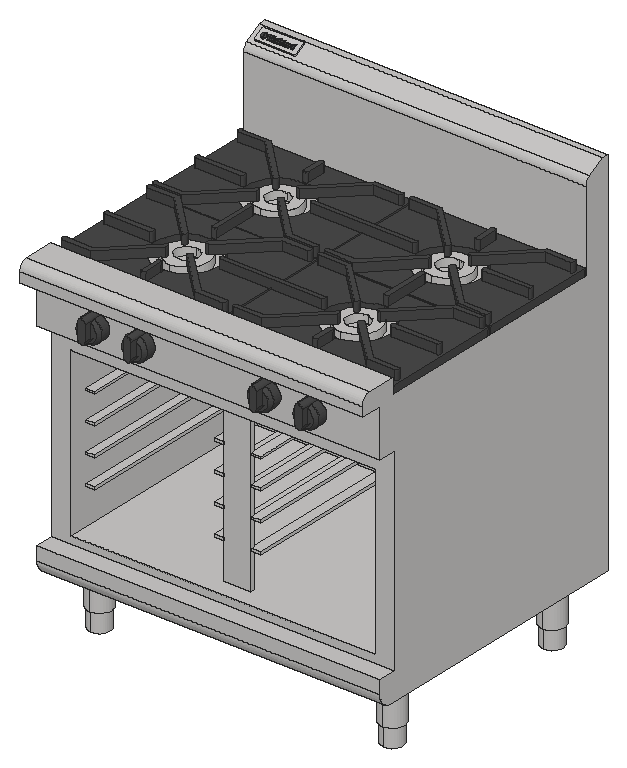
Revit family "QF_MOFFAT WALDORF_RN8900G-CB", category Specialty Equipment, Revit 2012
Parameters
  Weight in Pounds = 396.8316
  URL Cutsheet = "www.moffat.com"
  URL = "www.moffat.com"
  Type Mark [instance] = ""
  Status [instance] = ""
  Specification by User [instance] = ""
  Specification by Manufacturer = ""
  Show Logo [instance] = yes
  Show Casters [instance] = no
  Serial Number = ""
  Seismic Rating = ""
  SMACNA No = ""
  Revision Code [instance] = ""
  Omniclass Number and Title = ""
  NAFEM Spec ID Number = ""
  Model = "RN8900G-CB"
  Mechanical Remarks [instance] = ""
  Mechanical Connection Type [instance] = ""
  Masterspec = ""
  Manufacturer = "MOFFAT WALDORF"
  Legs [instance] = not(Show Casters)  # yes
  Item Number [instance] = ""
  Installed By [instance] = ""
  Identify Quantity as Lot [instance] = yes
  Gas Size = 3/4"
  Gas RI Height [instance] = 0.0 mm
  Gas KW [instance] = 31
  Gas Input [instance] = 106156.0 Btu/h
  Gas Connection Height = 0.0 mm
  Furnished By [instance] = ""
  Foodservice Equipment Identifier [instance] = yes
  Description = "COOK TOP GAS ON CABINET BASE"
  CSI MasterFormat = ""
  CSI Master Format = ""
  Base Height [instance] = 150.0 mm
Reference planes
  plane 1 "BACK": y = 0
  plane 2: z = 0
  plane 3 "LEFT": x = 0
  plane 4 "RIGHT": x = 900
  plane 5 "FRONT": y = -805
  plane 6 "TOP": z = 1130
  plane 7 "Center Y": x = 450
  plane 8 "Center X": y = -402.5
  plane 9 "Base Height": z = 150
  plane 10: z = 915
  plane 11: x = 65.8
Forms (mm)
  Extrusion 1, solid, material "QF_Finishes_Stainless Steel"
    sketch origin (0, 0, 0) x (0, 1, 0) y (0, 0, 1)
      loop
        line (-805, 891) -> (-805, 866) -> (-749, 866) -> (-749, 740) -> (-100, 740) -> (-100, 150) -> (0, 150) -> (0, 1130) -> (-16.5, 1130) -> (-58.709, 1105.631)
        arc (-58.709, 1105.631) -> (-66.975, 1097.365) -> (-70, 1086.074) r 22.582
        line (-70, 1086.074) -> (-70, 875) -> (-705, 875) -> (-705, 915) -> (-781, 915)
        arc (-781, 915) -> (-797.971, 907.971) -> (-805, 891) r 24
      loop
        line (-699, 222.5) -> (-749, 222.5) -> (-749, 188)
        arc (-749, 188) -> (-737.87, 161.13) -> (-711, 150) r 38
        line (-711, 150) -> (-699, 150) -> (-699, 222.5)
    from 0 to 900
  Revolve 2, solid, material "QF_Finishes_Black"
    sketch origin (285.001, 0, 600) x (0, -1, 0) y (0, 0, 1)
      loop
        line (782, 234.605) -> (759, 234.605) -> (759, 207.105) -> (749, 207.105) -> (749, 202.105) -> (793, 202.105) -> (793, 228.757) -> (782, 234.605)
      axis (793, 202.105) -> (749, 202.105)
    angle from 0 to 360
  Extrusion 3, solid, material "QF_Finishes_Black"
    sketch origin (-3.43, 0, 496.003) x (1, 0, 0) y (0, 0, 1)
      loop
        line (298.431, 294) -> (298.431, 332.997)
        arc (298.431, 332.997) -> (288.431, 342.997) -> (278.431, 332.997) r 10
        line (278.431, 332.997) -> (278.431, 294)
        arc (278.431, 294) -> (288.431, 284) -> (298.431, 294) r 10
    from 759 to 808
  Extrusion 4, solid, material "QF_Finishes_Stainless Steel"
    sketch origin (705, 3, 95) x (1, 0, 0) y (0, 1, 0)
      loop
        circle (65, -35) r 13.5
    from 560 to 630
  Revolve 5, solid, material "QF_Finishes_Black"
    sketch origin (165, 0, 599.873) x (0, 1, 0) y (0, 0, -1)
      loop
        line (-782, -234.5) -> (-759, -234.5) -> (-759, -207) -> (-749, -207) -> (-749, -202) -> (-793, -202) -> (-793, -228.651) -> (-782, -234.5)
      axis (-793, -202) -> (-749, -202)
    angle from 0 to 360
  Extrusion 6, solid, material "QF_Finishes_Black"
    sketch origin (303.27, 0, 600.031) x (-1, 0, 0) y (0, 0, -1)
      loop
        arc (148.269, -189.969) -> (138.269, -179.969) -> (128.269, -189.969) r 10
        line (128.269, -189.969) -> (128.269, -228.969)
        arc (128.269, -228.969) -> (138.269, -238.969) -> (148.269, -228.969) r 10
        line (148.269, -228.969) -> (148.269, -189.969)
    from 759 to 808
  Extrusion 7, solid, material "QF_Finishes_Black"
    sketch origin (0, -70, 875) x (0, -1, 0) y (1, 0, 0)
      loop
        arc (1, 4) -> (1.879, 1.879) -> (4, 1) r 3
        line (4, 1) -> (312.375, 1)
        arc (312.375, 1) -> (314.496, 1.879) -> (315.375, 4) r 3
        line (315.375, 4) -> (315.375, 445.187)
        arc (315.375, 445.187) -> (314.496, 447.309) -> (312.375, 448.187) r 3
        line (312.375, 448.187) -> (4, 448.187)
        arc (4, 448.187) -> (1.879, 447.309) -> (1, 445.187) r 3
        line (1, 445.187) -> (1, 4)
      loop
        line (631, 899) -> (321.375, 899)
        arc (321.375, 899) -> (319.254, 898.121) -> (318.375, 896) r 3
        line (318.375, 896) -> (318.375, 454.812)
        arc (318.375, 454.812) -> (319.254, 452.691) -> (321.375, 451.812) r 3
        line (321.375, 451.812) -> (631, 451.812)
        arc (631, 451.812) -> (633.121, 452.691) -> (634, 454.812) r 3
        line (634, 454.812) -> (634, 896)
        arc (634, 896) -> (633.121, 898.121) -> (631, 899) r 3
      loop
        arc (4, 899) -> (1.879, 898.121) -> (1, 896) r 3
        line (1, 896) -> (1, 454.812)
        arc (1, 454.812) -> (1.879, 452.691) -> (4, 451.812) r 3
        line (4, 451.812) -> (312.375, 451.812)
        arc (312.375, 451.812) -> (314.496, 452.691) -> (315.375, 454.812) r 3
        line (315.375, 454.812) -> (315.375, 896)
        arc (315.375, 896) -> (314.496, 898.121) -> (312.375, 899) r 3
        line (312.375, 899) -> (4, 899)
      loop
        line (634, 4) -> (634, 445.187)
        arc (634, 445.187) -> (633.121, 447.309) -> (631, 448.187) r 3
        line (631, 448.187) -> (321.375, 448.187)
        arc (321.375, 448.187) -> (319.254, 447.309) -> (318.375, 445.187) r 3
        line (318.375, 445.187) -> (318.375, 4)
        arc (318.375, 4) -> (319.254, 1.879) -> (321.375, 1) r 3
        line (321.375, 1) -> (631, 1)
        arc (631, 1) -> (633.121, 1.879) -> (634, 4) r 3
      loop
        circle (167.98, 675.95) r 84.082
      loop
        circle (467.98, 675.95) r 84.082
      loop
        circle (467.079, 224.937) r 84.082
      loop
        circle (167.079, 224.937) r 84.082
    from 0 to 19.5
  Extrusion 8, solid, material "QF_Finishes_Black"
    sketch origin (0, -70, 894.5) x (0, -1, 0) y (1, 0, 0)
      loop
        spline (259.398, 230.775) -> (258.104, 230.557) -> (256.898, 229.918) -> (255.862, 228.9) -> (255.068, 227.575) -> (254.568, 226.031) -> (254.398, 224.375) -> (254.568, 222.719) -> (255.068, 221.175) -> (255.862, 219.85) -> (256.898, 218.832) -> (258.104, 218.193) -> (259.398, 217.975)
        line (259.398, 217.975) -> (375.602, 217.975)
        spline (375.602, 217.975) -> (376.896, 218.193) -> (378.102, 218.832) -> (379.138, 219.85) -> (379.932, 221.175) -> (380.432, 222.719) -> (380.602, 224.375) -> (380.432, 226.031) -> (379.932, 227.575) -> (379.138, 228.9) -> (378.102, 229.918) -> (376.896, 230.557) -> (375.602, 230.775)
        line (375.602, 230.775) -> (259.398, 230.775)
      loop
        spline (608.602, 217.975) -> (609.896, 218.193) -> (611.102, 218.832) -> (612.138, 219.85) -> (612.932, 221.175) -> (613.432, 222.719) -> (613.602, 224.375) -> (613.432, 226.031) -> (612.932, 227.575) -> (612.138, 228.9) -> (611.102, 229.918) -> (609.896, 230.557) -> (608.602, 230.775)
        line (608.602, 230.775) -> (559.398, 230.775)
        spline (559.398, 230.775) -> (558.104, 230.557) -> (556.898, 229.918) -> (555.862, 228.9) -> (555.068, 227.575) -> (554.568, 226.031) -> (554.398, 224.375) -> (554.568, 222.719) -> (555.068, 221.175) -> (555.862, 219.85) -> (556.898, 218.832) -> (558.104, 218.193) -> (559.398, 217.975)
        line (559.398, 217.975) -> (608.602, 217.975)
      loop
        line (473.9, 13.273) -> (473.9, 132.477)
        spline (473.9, 132.477) -> (473.682, 133.771) -> (473.043, 134.977) -> (472.025, 136.013) -> (470.7, 136.807) -> (469.156, 137.307) -> (467.5, 137.477) -> (465.844, 137.307) -> (464.3, 136.807) -> (462.975, 136.013) -> (461.957, 134.977) -> (461.318, 133.771) -> (461.1, 132.477)
        line (461.1, 132.477) -> (461.1, 13.273)
        spline (461.1, 13.273) -> (461.318, 11.979) -> (461.957, 10.773) -> (462.975, 9.737) -> (464.3, 8.943) -> (465.844, 8.443) -> (467.5, 8.273) -> (469.156, 8.443) -> (470.7, 8.943) -> (472.025, 9.737) -> (473.043, 10.773) -> (473.682, 11.979) -> (473.9, 13.273)
      loop
        line (21.428, 87.354) -> (21.428, 13.21)
        spline (21.428, 13.21) -> (21.656, 11.916) -> (22.325, 10.71) -> (23.39, 9.675) -> (24.778, 8.88) -> (26.394, 8.381) -> (28.128, 8.21) -> (29.862, 8.381) -> (31.478, 8.88) -> (32.865, 9.675) -> (33.93, 10.71) -> (34.599, 11.916) -> (34.828, 13.21)
        line (34.828, 13.21) -> (34.828, 82.652) -> (140.576, 188.4)
        spline (140.576, 188.4) -> (141.337, 189.47) -> (141.738, 190.774) -> (141.751, 192.226) -> (141.375, 193.725) -> (140.637, 195.17) -> (139.586, 196.461) -> (138.295, 197.512) -> (136.85, 198.25) -> (135.351, 198.626) -> (133.899, 198.613) -> (132.595, 198.212) -> (131.525, 197.451)
        line (131.525, 197.451) -> (21.428, 87.354)
      loop
        spline (26.398, 230.775) -> (25.104, 230.557) -> (23.898, 229.918) -> (22.862, 228.9) -> (22.068, 227.575) -> (21.568, 226.031) -> (21.398, 224.375) -> (21.568, 222.719) -> (22.068, 221.175) -> (22.862, 219.85) -> (23.898, 218.832) -> (25.104, 218.193) -> (26.398, 217.975)
        line (26.398, 217.975) -> (75.602, 217.975)
        spline (75.602, 217.975) -> (76.896, 218.193) -> (78.102, 218.832) -> (79.138, 219.85) -> (79.932, 221.175) -> (80.432, 222.719) -> (80.602, 224.375) -> (80.432, 226.031) -> (79.932, 227.575) -> (79.138, 228.9) -> (78.102, 229.918) -> (76.896, 230.557) -> (75.602, 230.775)
        line (75.602, 230.775) -> (26.398, 230.775)
      loop
        line (313.572, 87.354) -> (203.475, 197.451)
        spline (203.475, 197.451) -> (202.405, 198.212) -> (201.101, 198.613) -> (199.649, 198.626) -> (198.15, 198.25) -> (196.705, 197.512) -> (195.414, 196.461) -> (194.363, 195.17) -> (193.625, 193.725) -> (193.249, 192.226) -> (193.262, 190.774) -> (193.663, 189.47) -> (194.424, 188.4)
        line (194.424, 188.4) -> (300.172, 82.652) -> (300.172, 13.21)
        spline (300.172, 13.21) -> (300.401, 11.916) -> (301.07, 10.71) -> (302.135, 9.675) -> (303.522, 8.88) -> (305.138, 8.381) -> (306.872, 8.21) -> (308.606, 8.381) -> (310.222, 8.88) -> (311.61, 9.675) -> (312.675, 10.71) -> (313.344, 11.916) -> (313.572, 13.21)
        line (313.572, 13.21) -> (313.572, 87.354)
      loop
        line (173.9, 13.273) -> (173.9, 132.477)
        spline (173.9, 132.477) -> (173.682, 133.771) -> (173.043, 134.977) -> (172.025, 136.013) -> (170.7, 136.807) -> (169.156, 137.307) -> (167.5, 137.477) -> (165.844, 137.307) -> (164.3, 136.807) -> (162.975, 136.013) -> (161.957, 134.977) -> (161.318, 133.771) -> (161.1, 132.477)
        line (161.1, 132.477) -> (161.1, 13.273)
        spline (161.1, 13.273) -> (161.318, 11.979) -> (161.957, 10.773) -> (162.975, 9.737) -> (164.3, 8.943) -> (165.844, 8.443) -> (167.5, 8.273) -> (169.156, 8.443) -> (170.7, 8.943) -> (172.025, 9.737) -> (173.043, 10.773) -> (173.682, 11.979) -> (173.9, 13.273)
      loop
        line (21.428, 361.396) -> (131.525, 251.299)
        spline (131.525, 251.299) -> (132.595, 250.538) -> (133.899, 250.137) -> (135.351, 250.124) -> (136.85, 250.5) -> (138.295, 251.238) -> (139.586, 252.289) -> (140.637, 253.58) -> (141.375, 255.025) -> (141.751, 256.524) -> (141.738, 257.976) -> (141.337, 259.28) -> (140.576, 260.35)
        line (140.576, 260.35) -> (34.828, 366.098) -> (34.828, 435.54)
        spline (34.828, 435.54) -> (34.599, 436.834) -> (33.93, 438.04) -> (32.865, 439.075) -> (31.478, 439.87) -> (29.862, 440.369) -> (28.128, 440.54) -> (26.394, 440.369) -> (24.778, 439.87) -> (23.39, 439.075) -> (22.325, 438.04) -> (21.656, 436.834) -> (21.428, 435.54)
        line (21.428, 435.54) -> (21.428, 361.396)
      loop
        line (313.572, 361.396) -> (313.572, 435.54)
        spline (313.572, 435.54) -> (313.344, 436.834) -> (312.675, 438.04) -> (311.61, 439.075) -> (310.222, 439.87) -> (308.606, 440.369) -> (306.872, 440.54) -> (305.138, 440.369) -> (303.522, 439.87) -> (302.135, 439.075) -> (301.07, 438.04) -> (300.401, 436.834) -> (300.172, 435.54)
        line (300.172, 435.54) -> (300.172, 366.098) -> (194.424, 260.35)
        spline (194.424, 260.35) -> (193.663, 259.28) -> (193.262, 257.976) -> (193.249, 256.524) -> (193.625, 255.025) -> (194.363, 253.58) -> (195.414, 252.289) -> (196.705, 251.238) -> (198.15, 250.5) -> (199.649, 250.124) -> (201.101, 250.137) -> (202.405, 250.538) -> (203.475, 251.299)
        line (203.475, 251.299) -> (313.572, 361.396)
      loop
        spline (173.9, 583.727) -> (173.682, 585.021) -> (173.043, 586.227) -> (172.025, 587.263) -> (170.7, 588.057) -> (169.156, 588.557) -> (167.5, 588.727) -> (165.844, 588.557) -> (164.3, 588.057) -> (162.975, 587.263) -> (161.957, 586.227) -> (161.318, 585.021) -> (161.1, 583.727)
        line (161.1, 583.727) -> (161.1, 316.273)
        spline (161.1, 316.273) -> (161.318, 314.979) -> (161.957, 313.773) -> (162.975, 312.737) -> (164.3, 311.943) -> (165.844, 311.443) -> (167.5, 311.273) -> (169.156, 311.443) -> (170.7, 311.943) -> (172.025, 312.737) -> (173.043, 313.773) -> (173.682, 314.979) -> (173.9, 316.273)
        line (173.9, 316.273) -> (173.9, 583.727)
      loop
        line (320.428, 87.354) -> (320.428, 13.21)
        spline (320.428, 13.21) -> (320.656, 11.916) -> (321.325, 10.71) -> (322.39, 9.675) -> (323.778, 8.88) -> (325.394, 8.381) -> (327.128, 8.21) -> (328.862, 8.381) -> (330.478, 8.88) -> (331.865, 9.675) -> (332.93, 10.71) -> (333.599, 11.916) -> (333.828, 13.21)
        line (333.828, 13.21) -> (333.828, 82.652) -> (439.576, 188.4)
        spline (439.576, 188.4) -> (440.337, 189.47) -> (440.738, 190.774) -> (440.751, 192.226) -> (440.375, 193.725) -> (439.637, 195.17) -> (438.586, 196.461) -> (437.295, 197.512) -> (435.85, 198.25) -> (434.351, 198.626) -> (432.899, 198.613) -> (431.595, 198.212) -> (430.525, 197.451)
        line (430.525, 197.451) -> (320.428, 87.354)
      loop
        line (612.572, 87.354) -> (502.475, 197.451)
        spline (502.475, 197.451) -> (501.405, 198.212) -> (500.101, 198.613) -> (498.649, 198.626) -> (497.15, 198.25) -> (495.705, 197.512) -> (494.414, 196.461) -> (493.363, 195.17) -> (492.625, 193.725) -> (492.249, 192.226) -> (492.262, 190.774) -> (492.663, 189.47) -> (493.424, 188.4)
        line (493.424, 188.4) -> (599.172, 82.652) -> (599.172, 13.21)
        spline (599.172, 13.21) -> (599.401, 11.916) -> (600.07, 10.71) -> (601.135, 9.675) -> (602.522, 8.88) -> (604.138, 8.381) -> (605.872, 8.21) -> (607.606, 8.381) -> (609.222, 8.88) -> (610.61, 9.675) -> (611.675, 10.71) -> (612.344, 11.916) -> (612.572, 13.21)
        line (612.572, 13.21) -> (612.572, 87.354)
      loop
        line (320.428, 361.396) -> (430.525, 251.299)
        spline (430.525, 251.299) -> (431.595, 250.538) -> (432.899, 250.137) -> (434.351, 250.124) -> (435.85, 250.5) -> (437.295, 251.238) -> (438.586, 252.289) -> (439.637, 253.58) -> (440.375, 255.025) -> (440.751, 256.524) -> (440.738, 257.976) -> (440.337, 259.28) -> (439.576, 260.35)
        line (439.576, 260.35) -> (333.828, 366.098) -> (333.828, 435.54)
        spline (333.828, 435.54) -> (333.599, 436.834) -> (332.93, 438.04) -> (331.865, 439.075) -> (330.478, 439.87) -> (328.862, 440.369) -> (327.128, 440.54) -> (325.394, 440.369) -> (323.778, 439.87) -> (322.39, 439.075) -> (321.325, 438.04) -> (320.656, 436.834) -> (320.428, 435.54)
        line (320.428, 435.54) -> (320.428, 361.396)
      loop
        line (612.572, 361.396) -> (612.572, 435.54)
        spline (612.572, 435.54) -> (612.344, 436.834) -> (611.675, 438.04) -> (610.61, 439.075) -> (609.222, 439.87) -> (607.606, 440.369) -> (605.872, 440.54) -> (604.138, 440.369) -> (602.522, 439.87) -> (601.135, 439.075) -> (600.07, 438.04) -> (599.401, 436.834) -> (599.172, 435.54)
        line (599.172, 435.54) -> (599.172, 366.098) -> (493.424, 260.35)
        spline (493.424, 260.35) -> (492.663, 259.28) -> (492.262, 257.976) -> (492.249, 256.524) -> (492.625, 255.025) -> (493.363, 253.58) -> (494.414, 252.289) -> (495.705, 251.238) -> (497.15, 250.5) -> (498.649, 250.124) -> (500.101, 250.137) -> (501.405, 250.538) -> (502.475, 251.299)
        line (502.475, 251.299) -> (612.572, 361.396)
      loop
        spline (472.9, 583.727) -> (472.682, 585.021) -> (472.043, 586.227) -> (471.025, 587.263) -> (469.7, 588.057) -> (468.156, 588.557) -> (466.5, 588.727) -> (464.844, 588.557) -> (463.3, 588.057) -> (461.975, 587.263) -> (460.957, 586.227) -> (460.318, 585.021) -> (460.1, 583.727)
        line (460.1, 583.727) -> (460.1, 316.273)
        spline (460.1, 316.273) -> (460.318, 314.979) -> (460.957, 313.773) -> (461.975, 312.737) -> (463.3, 311.943) -> (464.844, 311.443) -> (466.5, 311.273) -> (468.156, 311.443) -> (469.7, 311.943) -> (471.025, 312.737) -> (472.043, 313.773) -> (472.682, 314.979) -> (472.9, 316.273)
        line (472.9, 316.273) -> (472.9, 583.727)
      loop
        line (259.398, 669.225) -> (375.602, 669.225)
        spline (375.602, 669.225) -> (376.896, 669.443) -> (378.102, 670.082) -> (379.138, 671.1) -> (379.932, 672.425) -> (380.432, 673.969) -> (380.602, 675.625) -> (380.432, 677.281) -> (379.932, 678.825) -> (379.138, 680.15) -> (378.102, 681.168) -> (376.896, 681.807) -> (375.602, 682.025)
        line (375.602, 682.025) -> (259.398, 682.025)
        spline (259.398, 682.025) -> (258.104, 681.807) -> (256.898, 681.168) -> (255.862, 680.15) -> (255.068, 678.825) -> (254.568, 677.281) -> (254.398, 675.625) -> (254.568, 673.969) -> (255.068, 672.425) -> (255.862, 671.1) -> (256.898, 670.082) -> (258.104, 669.443) -> (259.398, 669.225)
      loop
        line (608.602, 682.025) -> (559.398, 682.025)
        spline (559.398, 682.025) -> (558.104, 681.807) -> (556.898, 681.168) -> (555.862, 680.15) -> (555.068, 678.825) -> (554.568, 677.281) -> (554.398, 675.625) -> (554.568, 673.969) -> (555.068, 672.425) -> (555.862, 671.1) -> (556.898, 670.082) -> (558.104, 669.443) -> (559.398, 669.225)
        line (559.398, 669.225) -> (608.602, 669.225)
        spline (608.602, 669.225) -> (609.896, 669.443) -> (611.102, 670.082) -> (612.138, 671.1) -> (612.932, 672.425) -> (613.432, 673.969) -> (613.602, 675.625) -> (613.432, 677.281) -> (612.932, 678.825) -> (612.138, 680.15) -> (611.102, 681.168) -> (609.896, 681.807) -> (608.602, 682.025)
      loop
        spline (473.9, 886.727) -> (473.682, 888.021) -> (473.043, 889.227) -> (472.025, 890.263) -> (470.7, 891.057) -> (469.156, 891.557) -> (467.5, 891.727) -> (465.844, 891.557) -> (464.3, 891.057) -> (462.975, 890.263) -> (461.957, 889.227) -> (461.318, 888.021) -> (461.1, 886.727)
        line (461.1, 886.727) -> (461.1, 767.523)
        spline (461.1, 767.523) -> (461.318, 766.229) -> (461.957, 765.023) -> (462.975, 763.987) -> (464.3, 763.193) -> (465.844, 762.693) -> (467.5, 762.523) -> (469.156, 762.693) -> (470.7, 763.193) -> (472.025, 763.987) -> (473.043, 765.023) -> (473.682, 766.229) -> (473.9, 767.523)
        line (473.9, 767.523) -> (473.9, 886.727)
      loop
        line (21.428, 812.646) -> (131.525, 702.549)
        spline (131.525, 702.549) -> (132.595, 701.788) -> (133.899, 701.387) -> (135.351, 701.374) -> (136.85, 701.75) -> (138.295, 702.488) -> (139.586, 703.539) -> (140.637, 704.83) -> (141.375, 706.275) -> (141.751, 707.774) -> (141.738, 709.226) -> (141.337, 710.53) -> (140.576, 711.6)
        line (140.576, 711.6) -> (34.828, 817.348) -> (34.828, 886.79)
        spline (34.828, 886.79) -> (34.599, 888.084) -> (33.93, 889.29) -> (32.865, 890.325) -> (31.478, 891.12) -> (29.862, 891.619) -> (28.128, 891.79) -> (26.394, 891.619) -> (24.778, 891.12) -> (23.39, 890.325) -> (22.325, 889.29) -> (21.656, 888.084) -> (21.428, 886.79)
        line (21.428, 886.79) -> (21.428, 812.646)
      loop
        line (26.398, 669.225) -> (75.602, 669.225)
        spline (75.602, 669.225) -> (76.896, 669.443) -> (78.102, 670.082) -> (79.138, 671.1) -> (79.932, 672.425) -> (80.432, 673.969) -> (80.602, 675.625) -> (80.432, 677.281) -> (79.932, 678.825) -> (79.138, 680.15) -> (78.102, 681.168) -> (76.896, 681.807) -> (75.602, 682.025)
        line (75.602, 682.025) -> (26.398, 682.025)
        spline (26.398, 682.025) -> (25.104, 681.807) -> (23.898, 681.168) -> (22.862, 680.15) -> (22.068, 678.825) -> (21.568, 677.281) -> (21.398, 675.625) -> (21.568, 673.969) -> (22.068, 672.425) -> (22.862, 671.1) -> (23.898, 670.082) -> (25.104, 669.443) -> (26.398, 669.225)
      loop
        line (313.572, 812.646) -> (313.572, 886.79)
        spline (313.572, 886.79) -> (313.344, 888.084) -> (312.675, 889.29) -> (311.61, 890.325) -> (310.222, 891.12) -> (308.606, 891.619) -> (306.872, 891.79) -> (305.138, 891.619) -> (303.522, 891.12) -> (302.135, 890.325) -> (301.07, 889.29) -> (300.401, 888.084) -> (300.172, 886.79)
        line (300.172, 886.79) -> (300.172, 817.348) -> (194.424, 711.6)
        spline (194.424, 711.6) -> (193.663, 710.53) -> (193.262, 709.226) -> (193.249, 707.774) -> (193.625, 706.275) -> (194.363, 704.83) -> (195.414, 703.539) -> (196.705, 702.488) -> (198.15, 701.75) -> (199.649, 701.374) -> (201.101, 701.387) -> (202.405, 701.788) -> (203.475, 702.549)
        line (203.475, 702.549) -> (313.572, 812.646)
      loop
        spline (173.9, 886.727) -> (173.682, 888.021) -> (173.043, 889.227) -> (172.025, 890.263) -> (170.7, 891.057) -> (169.156, 891.557) -> (167.5, 891.727) -> (165.844, 891.557) -> (164.3, 891.057) -> (162.975, 890.263) -> (161.957, 889.227) -> (161.318, 888.021) -> (161.1, 886.727)
        line (161.1, 886.727) -> (161.1, 767.523)
        spline (161.1, 767.523) -> (161.318, 766.229) -> (161.957, 765.023) -> (162.975, 763.987) -> (164.3, 763.193) -> (165.844, 762.693) -> (167.5, 762.523) -> (169.156, 762.693) -> (170.7, 763.193) -> (172.025, 763.987) -> (173.043, 765.023) -> (173.682, 766.229) -> (173.9, 767.523)
        line (173.9, 767.523) -> (173.9, 886.727)
      loop
        line (21.428, 538.604) -> (21.428, 464.46)
        spline (21.428, 464.46) -> (21.656, 463.166) -> (22.325, 461.96) -> (23.39, 460.925) -> (24.778, 460.13) -> (26.394, 459.631) -> (28.128, 459.46) -> (29.862, 459.631) -> (31.478, 460.13) -> (32.865, 460.925) -> (33.93, 461.96) -> (34.599, 463.166) -> (34.828, 464.46)
        line (34.828, 464.46) -> (34.828, 533.902) -> (140.576, 639.65)
        spline (140.576, 639.65) -> (141.337, 640.72) -> (141.738, 642.024) -> (141.751, 643.476) -> (141.375, 644.975) -> (140.637, 646.42) -> (139.586, 647.711) -> (138.295, 648.762) -> (136.85, 649.5) -> (135.351, 649.876) -> (133.899, 649.863) -> (132.595, 649.462) -> (131.525, 648.701)
        line (131.525, 648.701) -> (21.428, 538.604)
      loop
        line (313.572, 538.604) -> (203.475, 648.701)
        spline (203.475, 648.701) -> (202.405, 649.462) -> (201.101, 649.863) -> (199.649, 649.876) -> (198.15, 649.5) -> (196.705, 648.762) -> (195.414, 647.711) -> (194.363, 646.42) -> (193.625, 644.975) -> (193.249, 643.476) -> (193.262, 642.024) -> (193.663, 640.72) -> (194.424, 639.65)
        line (194.424, 639.65) -> (300.172, 533.902) -> (300.172, 464.46)
        spline (300.172, 464.46) -> (300.401, 463.166) -> (301.07, 461.96) -> (302.135, 460.925) -> (303.522, 460.13) -> (305.138, 459.631) -> (306.872, 459.46) -> (308.606, 459.631) -> (310.222, 460.13) -> (311.61, 460.925) -> (312.675, 461.96) -> (313.344, 463.166) -> (313.572, 464.46)
        line (313.572, 464.46) -> (313.572, 538.604)
      loop
        line (320.428, 812.646) -> (430.525, 702.549)
        spline (430.525, 702.549) -> (431.595, 701.788) -> (432.899, 701.387) -> (434.351, 701.374) -> (435.85, 701.75) -> (437.295, 702.488) -> (438.586, 703.539) -> (439.637, 704.83) -> (440.375, 706.275) -> (440.751, 707.774) -> (440.738, 709.226) -> (440.337, 710.53) -> (439.576, 711.6)
        line (439.576, 711.6) -> (333.828, 817.348) -> (333.828, 886.79)
        spline (333.828, 886.79) -> (333.599, 888.084) -> (332.93, 889.29) -> (331.865, 890.325) -> (330.478, 891.12) -> (328.862, 891.619) -> (327.128, 891.79) -> (325.394, 891.619) -> (323.778, 891.12) -> (322.39, 890.325) -> (321.325, 889.29) -> (320.656, 888.084) -> (320.428, 886.79)
        line (320.428, 886.79) -> (320.428, 812.646)
      loop
        line (612.572, 812.646) -> (612.572, 886.79)
        spline (612.572, 886.79) -> (612.344, 888.084) -> (611.675, 889.29) -> (610.61, 890.325) -> (609.222, 891.12) -> (607.606, 891.619) -> (605.872, 891.79) -> (604.138, 891.619) -> (602.522, 891.12) -> (601.135, 890.325) -> (600.07, 889.29) -> (599.401, 888.084) -> (599.172, 886.79)
        line (599.172, 886.79) -> (599.172, 817.348) -> (493.424, 711.6)
        spline (493.424, 711.6) -> (492.663, 710.53) -> (492.262, 709.226) -> (492.249, 707.774) -> (492.625, 706.275) -> (493.363, 704.83) -> (494.414, 703.539) -> (495.705, 702.488) -> (497.15, 701.75) -> (498.649, 701.374) -> (500.101, 701.387) -> (501.405, 701.788) -> (502.475, 702.549)
        line (502.475, 702.549) -> (612.572, 812.646)
      loop
        line (320.428, 538.604) -> (320.428, 464.46)
        spline (320.428, 464.46) -> (320.656, 463.166) -> (321.325, 461.96) -> (322.39, 460.925) -> (323.778, 460.13) -> (325.394, 459.631) -> (327.128, 459.46) -> (328.862, 459.631) -> (330.478, 460.13) -> (331.865, 460.925) -> (332.93, 461.96) -> (333.599, 463.166) -> (333.828, 464.46)
        line (333.828, 464.46) -> (333.828, 533.902) -> (439.576, 639.65)
        spline (439.576, 639.65) -> (440.337, 640.72) -> (440.738, 642.024) -> (440.751, 643.476) -> (440.375, 644.975) -> (439.637, 646.42) -> (438.586, 647.711) -> (437.295, 648.762) -> (435.85, 649.5) -> (434.351, 649.876) -> (432.899, 649.863) -> (431.595, 649.462) -> (430.525, 648.701)
        line (430.525, 648.701) -> (320.428, 538.604)
      loop
        line (612.572, 538.604) -> (502.475, 648.701)
        spline (502.475, 648.701) -> (501.405, 649.462) -> (500.101, 649.863) -> (498.649, 649.876) -> (497.15, 649.5) -> (495.705, 648.762) -> (494.414, 647.711) -> (493.363, 646.42) -> (492.625, 644.975) -> (492.249, 643.476) -> (492.262, 642.024) -> (492.663, 640.72) -> (493.424, 639.65)
        line (493.424, 639.65) -> (599.172, 533.902) -> (599.172, 464.46)
        spline (599.172, 464.46) -> (599.401, 463.166) -> (600.07, 461.96) -> (601.135, 460.925) -> (602.522, 460.13) -> (604.138, 459.631) -> (605.872, 459.46) -> (607.606, 459.631) -> (609.222, 460.13) -> (610.61, 460.925) -> (611.675, 461.96) -> (612.344, 463.166) -> (612.572, 464.46)
        line (612.572, 464.46) -> (612.572, 538.604)
    from 0 to 23.5
  Revolve 9, solid, material "QF_Finishes_Black"
    sketch origin (735, 0, 600) x (0, -1, 0) y (0, 0, 1)
      loop
        line (782, 234.605) -> (759, 234.605) -> (759, 207.105) -> (749, 207.105) -> (749, 202.105) -> (793, 202.105) -> (793, 228.757) -> (782, 234.605)
      axis (793, 202.105) -> (749, 202.105)
    angle from 0 to 360
  Extrusion 10, solid, material "QF_Finishes_Black"
    sketch origin (596.569, 0, 496.003) x (1, 0, 0) y (0, 0, 1)
      loop
        line (148.431, 294) -> (148.431, 332.997)
        arc (148.431, 332.997) -> (138.431, 342.997) -> (128.431, 332.997) r 10
        line (128.431, 332.997) -> (128.431, 294)
        arc (128.431, 294) -> (138.431, 284) -> (148.431, 294) r 10
    from 759 to 808
  Revolve 11, solid, material "QF_Finishes_Black"
    sketch origin (615, 0, 599.907) x (0, 1, 0) y (0, 0, -1)
      loop
        line (-782, -234.5) -> (-759, -234.5) -> (-759, -207) -> (-749, -207) -> (-749, -202) -> (-793, -202) -> (-793, -228.651) -> (-782, -234.5)
      axis (-793, -202) -> (-749, -202)
    angle from 0 to 360
  Extrusion 12, solid, material "QF_Finishes_Black"
    sketch origin (603.269, 0, 600.031) x (-1, 0, 0) y (0, 0, -1)
      loop
        arc (-1.731, -189.969) -> (-11.731, -179.969) -> (-21.731, -189.969) r 10
        line (-21.731, -189.969) -> (-21.731, -228.969)
        arc (-21.731, -228.969) -> (-11.731, -238.969) -> (-1.731, -228.969) r 10
        line (-1.731, -228.969) -> (-1.731, -189.969)
    from 759 to 808
  Revolve 13, solid, material "QF_Finishes_Stainless Steel", visible <- "Legs"
    sketch origin (65, -165, 0) x (0, 1, 0) y (0, 0, 1)
      loop
        line (33.25, 150) -> (33.25, 50) -> (37.5, 50) -> (37.5, 0) -> (65, 0) -> (65, 150) -> (33.25, 150)
      axis (65, 150) -> (65, 0)
    angle from 0 to 360
  Revolve 14, solid, material "QF_Finishes_Stainless Steel"
    sketch origin (65, -735, 0) x (0, 1, 0) y (0, 0, 1)
      loop
        line (78.25, 150) -> (78.25, 50) -> (82.5, 50) -> (82.5, 0) -> (110, 0) -> (110, 150) -> (78.25, 150)
      axis (110, 150) -> (110, 0)
    angle from 0 to 360
  Revolve 15, solid, material "QF_Finishes_Stainless Steel", visible <- "Legs"
    sketch origin (835, -165, 0) x (0, 1, 0) y (0, 0, -1)
      loop
        line (33.25, -150) -> (65, -150) -> (65, 0) -> (37.5, 0) -> (37.5, -50) -> (33.25, -50) -> (33.25, -150)
      axis (65, -150) -> (65, 0)
    angle from 0 to 360
  Revolve 16, solid, material "QF_Finishes_Stainless Steel"
    sketch origin (835, -735, 0) x (0, 1, 0) y (0, 0, -1)
      loop
        line (78.25, -150) -> (110, -150) -> (110, 0) -> (82.5, 0) -> (82.5, -50) -> (78.25, -50) -> (78.25, -150)
      axis (110, -150) -> (110, 0)
    angle from 0 to 360
  Extrusion 17, solid, material "QF_Finishes_Stainless Steel"
    sketch origin (0, -100, 740) x (0, 0, 1) y (-1, 0, 0)
      loop
        line (0, 0) -> (-590, 0) -> (-590, -900) -> (0, -900) -> (0, 0)
      loop
        line (-60, -50) -> (-497.5, -50) -> (-497.5, -850) -> (-60, -850) -> (-60, -50)
    from 0 to 599
  Extrusion 18, void
    sketch origin (0, 0, 150) x (-1, 0, 0) y (0, -1, 0)
      loop
        line (-832.738, 87.26) -> (-832.738, -30.24) -> (-703.238, -30.24) -> (-703.238, 38.76) -> (-751.738, 87.26) -> (-832.738, 87.26)
    from 72.5 to 575
  Extrusion 19, solid, material "QF_Finishes_Stainless Steel"
    sketch origin (0, -100, 740) x (0, 0, 1) y (-1, 0, 0)
      loop
        line (-60, -485.5) -> (-60, -414.5) -> (-497.5, -414.5) -> (-497.5, -485.5) -> (-60, -485.5)
    from 543.302 to 553.302
  Extrusion 20, solid, material "QF_Finishes_Stainless Steel"
    sketch origin (0, -100, 740) x (0, 0, 1) y (-1, 0, 0)
      loop
        line (-251.25, -414.5) -> (-244.9, -414.5) -> (-244.9, -389.5) -> (-251.25, -389.5) -> (-251.25, -414.5)
      loop
        line (-326.25, -414.5) -> (-319.9, -414.5) -> (-319.9, -389.5) -> (-326.25, -389.5) -> (-326.25, -414.5)
      loop
        line (-326.25, -50) -> (-326.25, -75) -> (-319.9, -75) -> (-319.9, -50) -> (-326.25, -50)
      loop
        line (-244.9, -75) -> (-244.9, -50) -> (-251.25, -50) -> (-251.25, -75) -> (-244.9, -75)
      loop
        line (-401.25, -414.5) -> (-394.9, -414.5) -> (-394.9, -389.5) -> (-401.25, -389.5) -> (-401.25, -414.5)
      loop
        line (-401.25, -50) -> (-401.25, -75) -> (-394.9, -75) -> (-394.9, -50) -> (-401.25, -50)
      loop
        line (-176.25, -414.5) -> (-169.9, -414.5) -> (-169.9, -389.5) -> (-176.25, -389.5) -> (-176.25, -414.5)
      loop
        line (-169.9, -75) -> (-169.9, -50) -> (-176.25, -50) -> (-176.25, -75) -> (-169.9, -75)
      loop
        line (-251.25, -485.5) -> (-251.25, -510.5) -> (-244.9, -510.5) -> (-244.9, -485.5) -> (-251.25, -485.5)
      loop
        line (-326.25, -485.5) -> (-326.25, -510.5) -> (-319.9, -510.5) -> (-319.9, -485.5) -> (-326.25, -485.5)
      loop
        line (-326.25, -850) -> (-319.9, -850) -> (-319.9, -825) -> (-326.25, -825) -> (-326.25, -850)
      loop
        line (-244.9, -825) -> (-251.25, -825) -> (-251.25, -850) -> (-244.9, -850) -> (-244.9, -825)
      loop
        line (-401.25, -485.5) -> (-401.25, -510.5) -> (-394.9, -510.5) -> (-394.9, -485.5) -> (-401.25, -485.5)
      loop
        line (-401.25, -850) -> (-394.9, -850) -> (-394.9, -825) -> (-401.25, -825) -> (-401.25, -850)
      loop
        line (-176.25, -485.5) -> (-176.25, -510.5) -> (-169.9, -510.5) -> (-169.9, -485.5) -> (-176.25, -485.5)
      loop
        line (-169.9, -825) -> (-176.25, -825) -> (-176.25, -850) -> (-169.9, -850) -> (-169.9, -825)
    from 0 to 553.302
  Extrusion 21, solid, material "QF_Finishes_Stainless Steel"
    sketch origin (0, -70, 875) x (0, -1, 0) y (1, 0, 0)
      loop
        circle (167.5, 224) r 57
      loop
        circle (167.5, 674) r 57
      loop
        circle (466.5, 674) r 57
      loop
        circle (466.5, 224) r 57
      loop
        circle (167.5, 224) r 30
      loop
        circle (167.5, 674) r 30
      loop
        circle (466.5, 674) r 30
      loop
        circle (466.5, 224) r 30
    from 0 to 20
Cuts and joins
  Extrusion 18 cuts Extrusion 1
  joined: Extrusion 1, Extrusion 17
Lines and regions (mm)
  Split face 1
    outline origin (49.063, -19.748, 1128.125) x (0, -0.866025, -0.5) y (1, 0, 0)
      loop
        line (1.427, 105.5) -> (35.836, 105.5) -> (35.836, 125.5) -> (1.427, 125.5) -> (1.427, 105.5)
  Split face 2
    outline origin (99.063, -19.748, 1128.125) x (0, -0.866025, -0.5) y (1, 0, 0)
      loop
        line (1.427, 105.5) -> (35.836, 105.5) -> (35.836, 125.5) -> (1.427, 125.5) -> (1.427, 105.5)
  Split face 3
    outline origin (149.063, -19.748, 1128.125) x (0, -0.866025, -0.5) y (1, 0, 0)
      loop
        line (1.427, 105.5) -> (35.836, 105.5) -> (35.836, 125.5) -> (1.427, 125.5) -> (1.427, 105.5)
  Split face 4
    outline origin (199.063, -19.748, 1128.125) x (0, -0.866025, -0.5) y (1, 0, 0)
      loop
        line (1.427, 105.5) -> (35.836, 105.5) -> (35.836, 125.5) -> (1.427, 125.5) -> (1.427, 105.5)
  Split face 5
    outline origin (249.063, -19.748, 1128.125) x (0, -0.866025, -0.5) y (1, 0, 0)
      loop
        line (1.427, 105.5) -> (35.836, 105.5) -> (35.836, 125.5) -> (1.427, 125.5) -> (1.427, 105.5)
  Split face 6
    outline origin (299.063, -19.748, 1128.125) x (0, -0.866025, -0.5) y (1, 0, 0)
      loop
        line (1.427, 105.5) -> (35.836, 105.5) -> (35.836, 125.5) -> (1.427, 125.5) -> (1.427, 105.5)
  Split face 7
    outline origin (349.063, -19.748, 1128.125) x (0, -0.866025, -0.5) y (1, 0, 0)
      loop
        line (1.427, 105.5) -> (35.836, 105.5) -> (35.836, 125.5) -> (1.427, 125.5) -> (1.427, 105.5)
  Split face 8
    outline origin (399.063, -19.748, 1128.125) x (0, -0.866025, -0.5) y (1, 0, 0)
      loop
        line (1.427, 105.5) -> (35.836, 105.5) -> (35.836, 125.5) -> (1.427, 125.5) -> (1.427, 105.5)
  Split face 9
    outline origin (449.063, -19.748, 1128.125) x (0, -0.866025, -0.5) y (1, 0, 0)
      loop
        line (1.427, 105.5) -> (35.836, 105.5) -> (35.836, 125.5) -> (1.427, 125.5) -> (1.427, 105.5)
  Split face 10
    outline origin (499.063, -19.748, 1128.125) x (0, -0.866025, -0.5) y (1, 0, 0)
      loop
        line (1.427, 105.5) -> (35.836, 105.5) -> (35.836, 125.5) -> (1.427, 125.5) -> (1.427, 105.5)
  Split face 11
    outline origin (549.063, -19.748, 1128.125) x (0, -0.866025, -0.5) y (1, 0, 0)
      loop
        line (1.427, 105.5) -> (35.836, 105.5) -> (35.836, 125.5) -> (1.427, 125.5) -> (1.427, 105.5)
  Split face 12
    outline origin (599.063, -19.748, 1128.125) x (0, -0.866025, -0.5) y (1, 0, 0)
      loop
        line (1.427, 105.5) -> (35.836, 105.5) -> (35.836, 125.5) -> (1.427, 125.5) -> (1.427, 105.5)
  symbolic lines, visible <- "Show Logo"
    curve 1: line (12.5, -52.06, 0) -> (12.5, -21.099, 0)
    curve 2: line (121.5, -21.099, 0) -> (121.5, -52.06, 0)
    curve 3: line (12.5, -21.099, 0) -> (121.5, -21.099, 0)
    curve 4: line (12.5, -52.06, 0) -> (121.5, -52.06, 0)
  symbolic lines
    curve 5: line (154.563, -50.782, 0) -> (154.563, -20.984, 0)
    curve 6: line (154.563, -20.984, 0) -> (174.562, -20.984, 0)
    curve 7: line (174.562, -20.984, 0) -> (174.562, -50.782, 0)
    curve 8: line (174.562, -50.782, 0) -> (154.563, -50.782, 0)
    curve 9: line (204.563, -20.984, 0) -> (204.563, -50.782, 0)
    curve 10: line (204.563, -50.782, 0) -> (224.562, -50.782, 0)
    curve 11: line (224.562, -50.782, 0) -> (224.562, -20.984, 0)
    curve 12: line (224.562, -20.984, 0) -> (204.563, -20.984, 0)
    curve 13: line (254.563, -20.984, 0) -> (254.563, -50.782, 0)
    curve 14: line (254.563, -50.782, 0) -> (274.562, -50.782, 0)
    curve 15: line (274.562, -50.782, 0) -> (274.562, -20.984, 0)
    curve 16: line (274.562, -20.984, 0) -> (254.563, -20.984, 0)
    curve 17: line (304.563, -20.984, 0) -> (304.563, -50.782, 0)
    curve 18: line (304.563, -50.782, 0) -> (324.563, -50.782, 0)
    curve 19: line (324.563, -50.782, 0) -> (324.563, -20.984, 0)
    curve 20: line (324.563, -20.984, 0) -> (304.563, -20.984, 0)
    curve 21: line (354.563, -20.984, 0) -> (354.563, -50.782, 0)
    curve 22: line (354.563, -50.782, 0) -> (374.563, -50.782, 0)
    curve 23: line (374.563, -50.782, 0) -> (374.563, -20.984, 0)
    curve 24: line (374.563, -20.984, 0) -> (354.563, -20.984, 0)
    curve 25: line (404.563, -50.782, 0) -> (404.563, -20.984, 0)
    curve 26: line (404.563, -20.984, 0) -> (424.563, -20.984, 0)
    curve 27: line (424.563, -20.984, 0) -> (424.563, -50.782, 0)
    curve 28: line (424.563, -50.782, 0) -> (404.563, -50.782, 0)
    curve 29: line (454.563, -50.782, 0) -> (454.563, -20.984, 0)
    curve 30: line (454.563, -20.984, 0) -> (474.563, -20.984, 0)
    curve 31: line (474.563, -20.984, 0) -> (474.563, -50.782, 0)
    curve 32: line (474.563, -50.782, 0) -> (454.563, -50.782, 0)
    curve 33: line (504.563, -20.984, 0) -> (504.563, -50.782, 0)
    curve 34: line (504.563, -50.782, 0) -> (524.563, -50.782, 0)
    curve 35: line (524.563, -50.782, 0) -> (524.563, -20.984, 0)
    curve 36: line (524.563, -20.984, 0) -> (504.563, -20.984, 0)
    curve 37: line (554.563, -50.782, 0) -> (554.563, -20.984, 0)
    curve 38: line (554.563, -20.984, 0) -> (574.563, -20.984, 0)
    curve 39: line (574.563, -20.984, 0) -> (574.563, -50.782, 0)
    curve 40: line (574.563, -50.782, 0) -> (554.563, -50.782, 0)
    curve 41: line (604.563, -50.782, 0) -> (604.563, -20.984, 0)
    curve 42: line (604.563, -20.984, 0) -> (624.563, -20.984, 0)
    curve 43: line (624.563, -20.984, 0) -> (624.563, -50.782, 0)
    curve 44: line (624.563, -50.782, 0) -> (604.563, -50.782, 0)
    curve 45: line (654.563, -50.782, 0) -> (654.563, -20.984, 0)
    curve 46: line (654.563, -20.984, 0) -> (674.563, -20.984, 0)
    curve 47: line (674.563, -20.984, 0) -> (674.563, -50.782, 0)
    curve 48: line (674.563, -50.782, 0) -> (654.563, -50.782, 0)
    curve 49: line (724.563, -50.782, 0) -> (704.563, -50.782, 0)
    curve 50: line (704.563, -50.782, 0) -> (704.563, -20.984, 0)
    curve 51: line (704.563, -20.984, 0) -> (724.563, -20.984, 0)
    curve 52: line (724.563, -20.984, 0) -> (724.563, -50.782, 0)
    curve 53: line (0, -805, 0) -> (900, -805, 0)
    curve 54: line (0, 0, 0) -> (0, -805, 0)
    curve 55: line (900, -805, 0) -> (900, 0, 0)
    curve 56: line (900, 0, 0) -> (0, 0, 0)
    curve 57: line (0, -70, 0) -> (900, -70, 0)
    curve 58: line (900, -705, 0) -> (0, -705, 0)
    curve 59: line (7.898, -98.128, 0) -> (84.628, -98.128, 0)
    curve 60: line (84.628, -98.128, 0) -> (192.551, -206.051, 0)
    curve 61: line (224, -96.398, 0) -> (224, -145.602, 0)
    curve 62: line (440.102, -98.128, 0) -> (363.372, -98.128, 0)
    curve 63: line (363.372, -98.128, 0) -> (255.449, -206.051, 0)
    curve 64: line (578.727, -237.5, 0) -> (315.898, -237.5, 0)
    curve 65: line (457.898, -98.128, 0) -> (534.628, -98.128, 0)
    curve 66: line (534.628, -98.128, 0) -> (642.551, -206.051, 0)
    curve 67: line (7.898, -237.5, 0) -> (132.102, -237.5, 0)
    curve 68: line (7.898, -376.872, 0) -> (84.628, -376.872, 0)
    curve 69: line (84.628, -376.872, 0) -> (192.551, -268.949, 0)
    curve 70: line (224, -440.611, 0) -> (224, -329.398, 0)
    curve 71: line (440.102, -376.872, 0) -> (363.372, -376.872, 0)
    curve 72: line (363.372, -376.872, 0) -> (255.449, -268.949, 0)
    curve 73: line (7.898, -397.128, 0) -> (84.628, -397.128, 0)
    curve 74: line (84.628, -397.128, 0) -> (192.551, -505.051, 0)
    curve 75: line (440.102, -397.128, 0) -> (363.372, -397.128, 0)
    curve 76: line (363.372, -397.128, 0) -> (255.449, -505.051, 0)
    curve 77: line (578.727, -536.5, 0) -> (315.898, -536.5, 0)
    curve 78: line (7.898, -536.5, 0) -> (132.102, -536.5, 0)
    curve 79: line (7.898, -675.872, 0) -> (84.628, -675.872, 0)
    curve 80: line (84.628, -675.872, 0) -> (192.551, -567.949, 0)
    curve 81: line (224, -677.602, 0) -> (224, -628.398, 0)
    curve 82: line (440.102, -675.872, 0) -> (363.372, -675.872, 0)
    curve 83: line (363.372, -675.872, 0) -> (255.449, -567.949, 0)
    curve 84: arc (224, -479.5, 0) -> (281, -536.5, 0) -> (224, -593.5, 0) r 57
    curve 85: arc (224, -593.5, 0) -> (167, -536.5, 0) -> (224, -479.5, 0) r 57
    curve 86: arc (224, -180.5, 0) -> (281, -237.5, 0) -> (224, -294.5, 0) r 57
    curve 87: arc (224, -294.5, 0) -> (167, -237.5, 0) -> (224, -180.5, 0) r 57
    curve 88: arc (674, -294.5, 0) -> (617, -237.5, 0) -> (674, -180.5, 0) r 57
    curve 89: arc (674, -180.5, 0) -> (731, -237.5, 0) -> (674, -294.5, 0) r 57
    curve 90: arc (674, -593.5, 0) -> (617, -536.5, 0) -> (674, -479.5, 0) r 57
    curve 91: arc (674, -479.5, 0) -> (731, -536.5, 0) -> (674, -593.5, 0) r 57
    curve 92: line (457.898, -376.872, 0) -> (534.628, -376.872, 0)
    curve 93: line (534.628, -376.872, 0) -> (642.551, -268.949, 0)
    curve 94: line (890.102, -98.128, 0) -> (813.372, -98.128, 0)
    curve 95: line (813.372, -98.128, 0) -> (705.449, -206.051, 0)
    curve 96: line (674, -96.398, 0) -> (674, -145.602, 0)
    curve 97: line (890.102, -237.5, 0) -> (765.898, -237.5, 0)
    curve 98: line (890.102, -376.872, 0) -> (813.372, -376.872, 0)
    curve 99: line (813.372, -376.872, 0) -> (705.449, -268.949, 0)
    curve 100: line (890.102, -397.128, 0) -> (813.372, -397.128, 0)
    curve 101: line (813.372, -397.128, 0) -> (705.449, -505.051, 0)
    curve 102: line (457.898, -397.128, 0) -> (534.628, -397.128, 0)
    curve 103: line (534.628, -397.128, 0) -> (642.551, -505.051, 0)
    curve 104: line (674, -440.766, 0) -> (674, -329.398, 0)
    curve 105: line (890.102, -536.5, 0) -> (765.898, -536.5, 0)
    curve 106: line (890.102, -675.872, 0) -> (813.372, -675.872, 0)
    curve 107: line (813.372, -675.872, 0) -> (705.449, -567.949, 0)
    curve 108: line (674, -677.602, 0) -> (674, -628.398, 0)
    curve 109: line (457.898, -675.872, 0) -> (534.628, -675.872, 0)
    curve 110: line (534.628, -675.872, 0) -> (642.551, -567.949, 0)
    curve 111: line (450, -70, 0) -> (450, -705, 0)
    curve 112: line (0, -386.872, 0) -> (899, -386.872, 0)
    curve 113: arc (224.937, -152.996, 0) -> (309.019, -237.079, 0) -> (224.937, -321.161, 0) r 84.082
    curve 114: arc (224.937, -321.161, 0) -> (140.855, -237.079, 0) -> (224.937, -152.996, 0) r 84.082
    curve 115: arc (675.95, -322.063, 0) -> (591.868, -237.98, 0) -> (675.95, -153.898, 0) r 84.082
    curve 116: arc (675.95, -153.898, 0) -> (760.033, -237.98, 0) -> (675.95, -322.063, 0) r 84.082
    curve 117: arc (675.95, -453.898, 0) -> (760.033, -537.98, 0) -> (675.95, -622.063, 0) r 84.082
    curve 118: arc (675.95, -622.063, 0) -> (591.868, -537.98, 0) -> (675.95, -453.898, 0) r 84.082
    curve 119: arc (224.937, -452.996, 0) -> (309.019, -537.079, 0) -> (224.937, -621.161, 0) r 84.082
    curve 120: arc (224.937, -621.161, 0) -> (140.855, -537.079, 0) -> (224.937, -452.996, 0) r 84.082
    curve 121: arc (224, -207.5, 0) -> (254, -237.5, 0) -> (224, -267.5, 0) r 30
    curve 122: arc (224, -267.5, 0) -> (194, -237.5, 0) -> (224, -207.5, 0) r 30
    curve 123: arc (674, -267.5, 0) -> (644, -237.5, 0) -> (674, -207.5, 0) r 30
    curve 124: arc (674, -207.5, 0) -> (704, -237.5, 0) -> (674, -267.5, 0) r 30
    curve 125: arc (674, -506.5, 0) -> (704, -536.5, 0) -> (674, -566.5, 0) r 30
    curve 126: arc (674, -566.5, 0) -> (644, -536.5, 0) -> (674, -506.5, 0) r 30
    curve 127: arc (224, -506.5, 0) -> (254, -536.5, 0) -> (224, -566.5, 0) r 30
    curve 128: arc (224, -566.5, 0) -> (194, -536.5, 0) -> (224, -506.5, 0) r 30
Dimensions and locks
  equal spacing: plane 3 "LEFT", plane 7 "Center Y", plane 4 "RIGHT"
  plane 3 "LEFT" to plane 4 "RIGHT" = 900.0 mm
  equal spacing: plane 5 "FRONT", plane 8 "Center X", plane 1 "BACK"
  plane 5 "FRONT" to plane 1 "BACK" = 805.0 mm
  "Base Height": plane 9 "Base Height" to level
  plane 6 "TOP" to level = 1130.0 mm
  plane 10 to level = 915.0 mm
  Extrusion 7 sketch curve to plane 11 = 64.8 mm
  Revolve 9 sketch curve to Revolve 9 sketch curve to Revolve 11 = 11.0 mm locked, 23.0 mm locked
  level to Extrusion 4 = 655.0 mm
  aligned and locked: level to plane 2
  aligned and locked: Extrusion 1 to Revolve 9 sketch curve
Automatic sketch dimensions
  curve 53 to plane 3 "LEFT" = 0.0 mm
  curve 111 to plane 7 "Center Y" = 0.0 mm
  plane 1 "BACK" to curve 56 = 0.0 mm
  curve 56 to plane 4 "RIGHT" = 0.0 mm
  plane 5 "FRONT" to curve 55 = 0.0 mm
  plane 3 "LEFT" to curve 68 = 7.898 mm
  plane 3 "LEFT" to curve 67 = 7.898 mm
  plane 3 "LEFT" to curve 79 = 7.898 mm
  plane 3 "LEFT" to curve 73 = 7.898 mm
  plane 3 "LEFT" to curve 78 = 7.898 mm
  plane 3 "LEFT" to curve 59 = 7.898 mm
  plane 3 "LEFT" to curve 3 = 12.5 mm
  curve 79 to curve 79 = 76.73 mm
  plane 8 "Center X" to curve 69 = 25.628 mm
  curve 68 to curve 69 = 76.73 mm
  curve 59 to curve 60 = 76.73 mm
  plane 8 "Center X" to curve 74 = 5.372 mm
  curve 74 to curve 68 = 0.0 mm
  plane 1 "BACK" to curve 3 = 21.099 mm
  curve 59 to curve 3 = 36.872 mm
  curve 78 to curve 78 = 124.204 mm
  curve 67 to curve 67 = 124.204 mm
  curve 2 to curve 5 = 33.062 mm
  curve 5 to curve 8 = 20.0 mm
  curve 67 to curve 69 = 60.449 mm
  curve 60 to curve 69 = 0.0 mm
  curve 78 to curve 80 = 60.449 mm
  curve 74 to curve 80 = 0.0 mm
  curve 7 to curve 10 = 30.0 mm
  curve 80 to curve 81 = 31.449 mm
  curve 69 to curve 86 = 31.449 mm  (x2)
  curve 74 to curve 85 = 31.449 mm
  curve 9 to curve 61 = 19.438 mm
  curve 70 to curve 84 = 0.0 mm
  curve 9 to curve 12 = 20.0 mm
  curve 11 to curve 13 = 30.0 mm
  curve 84 to curve 83 = 31.449 mm
  curve 86 to curve 63 = 31.449 mm
  curve 84 to curve 76 = 31.449 mm
  curve 86 to curve 72 = 31.449 mm
  curve 13 to curve 14 = 20.0 mm
  curve 14 to curve 18 = 30.0 mm
  curve 63 to curve 64 = 60.449 mm
  curve 83 to curve 77 = 60.449 mm
  curve 17 to curve 18 = 20.0 mm
  curve 19 to curve 21 = 30.0 mm
  plane 8 "Center X" to curve 76 = 5.372 mm
  curve 76 to plane 7 "Center Y" = 86.628 mm
  plane 8 "Center X" to curve 72 = 25.628 mm
  curve 72 to curve 75 = 0.0 mm
  curve 21 to curve 63 = 8.81 mm
  curve 82 to plane 7 "Center Y" = 86.628 mm
  curve 21 to curve 23 = 20.0 mm
  curve 22 to curve 25 = 30.0 mm
  curve 25 to curve 27 = 20.0 mm
  curve 75 to plane 7 "Center Y" = 9.898 mm
  curve 82 to plane 7 "Center Y" = 9.898 mm
  curve 62 to plane 7 "Center Y" = 9.898 mm
  curve 71 to plane 7 "Center Y" = 9.898 mm
  plane 7 "Center Y" to curve 29 = 4.563 mm
  plane 7 "Center Y" to curve 109 = 7.898 mm
  plane 7 "Center Y" to curve 102 = 7.898 mm
  plane 7 "Center Y" to curve 65 = 7.898 mm
  plane 7 "Center Y" to curve 92 = 7.898 mm
  curve 29 to curve 30 = 20.0 mm
  curve 30 to curve 36 = 30.0 mm
  curve 33 to curve 36 = 20.0 mm
  plane 8 "Center X" to curve 93 = 25.628 mm
  curve 92 to curve 93 = 76.73 mm
  curve 34 to curve 66 = 10.065 mm
  curve 109 to curve 110 = 76.73 mm
  plane 8 "Center X" to curve 103 = 5.372 mm
  curve 103 to curve 92 = 0.0 mm
  curve 35 to curve 37 = 30.0 mm
  curve 37 to curve 38 = 20.0 mm
  plane 7 "Center Y" to curve 77 = 128.727 mm
  plane 7 "Center Y" to curve 64 = 128.727 mm
  curve 39 to curve 44 = 30.0 mm
  curve 41 to curve 44 = 20.0 mm
  curve 77 to curve 103 = 63.824 mm
  curve 110 to curve 103 = 0.0 mm
  curve 64 to curve 93 = 63.824 mm
  curve 66 to curve 93 = 0.0 mm
  curve 42 to curve 46 = 30.0 mm
  curve 110 to curve 108 = 31.449 mm
  curve 45 to curve 96 = 19.438 mm
  curve 93 to curve 88 = 31.449 mm  (x2)
  curve 110 to curve 90 = 31.449 mm  (x2)
  curve 104 to curve 88 = 0.0 mm
  curve 45 to curve 46 = 20.0 mm
  curve 47 to curve 49 = 30.0 mm
  curve 91 to curve 101 = 31.449 mm
  curve 89 to curve 99 = 31.449 mm
  curve 89 to curve 95 = 31.449 mm
  curve 91 to curve 107 = 31.449 mm
  curve 50 to curve 51 = 20.0 mm
  curve 95 to curve 97 = 60.449 mm
  curve 107 to curve 105 = 60.449 mm
  plane 8 "Center X" to curve 99 = 25.628 mm
  plane 4 "RIGHT" to curve 99 = 86.628 mm
  plane 4 "RIGHT" to curve 95 = 86.628 mm
  plane 8 "Center X" to curve 100 = 5.372 mm
  curve 100 to curve 98 = 0.0 mm
  plane 4 "RIGHT" to curve 107 = 86.628 mm
  plane 4 "RIGHT" to curve 105 = 9.898 mm
  plane 4 "RIGHT" to curve 97 = 9.898 mm
  plane 4 "RIGHT" to curve 98 = 9.898 mm
  plane 4 "RIGHT" to curve 100 = 9.898 mm
  plane 4 "RIGHT" to curve 94 = 9.898 mm
  plane 4 "RIGHT" to curve 106 = 9.898 mm
  plane 4 "RIGHT" to curve 112 = 1.0 mm
  curve 111 to plane 5 "FRONT" = 100.0 mm
  curve 108 to plane 5 "FRONT" = 127.398 mm
  curve 81 to plane 5 "FRONT" = 127.398 mm
  curve 58 to curve 80 = 29.128 mm
  curve 111 to curve 109 = 29.128 mm
  curve 58 to curve 106 = 29.128 mm
  curve 111 to curve 83 = 29.128 mm
  curve 108 to curve 108 = 49.204 mm
  curve 81 to curve 81 = 49.204 mm
  curve 81 to curve 85 = 34.898 mm
  curve 108 to curve 90 = 34.898 mm
  curve 90 to curve 110 = 25.551 mm
  curve 84 to curve 83 = 25.551 mm
  curve 91 to curve 107 = 25.551 mm
  curve 85 to curve 80 = 25.551 mm
  curve 110 to curve 77 = 31.449 mm
  curve 105 to plane 8 "Center X" = 134.0 mm
  curve 78 to plane 8 "Center X" = 134.0 mm
  curve 80 to curve 84 = 31.449 mm
  curve 103 to curve 90 = 25.551 mm
  curve 101 to curve 91 = 25.551 mm
  curve 74 to curve 85 = 25.551 mm
  curve 76 to curve 84 = 25.551 mm
  curve 104 to plane 8 "Center X" = 38.266 mm
  curve 70 to plane 8 "Center X" = 38.111 mm
  curve 112 to curve 68 = 10.0 mm
  plane 8 "Center X" to curve 70 = 73.102 mm
  plane 8 "Center X" to curve 104 = 73.102 mm
  curve 104 to curve 88 = 34.898 mm
  curve 70 to curve 86 = 34.898 mm
  curve 89 to curve 99 = 25.551 mm
  curve 88 to curve 93 = 25.551 mm
  curve 86 to curve 72 = 25.551 mm
  curve 87 to curve 69 = 25.551 mm
  curve 99 to curve 97 = 31.449 mm
  curve 93 to curve 64 = 31.449 mm
  curve 68 to curve 67 = 139.372 mm
  curve 95 to curve 89 = 25.551 mm
  curve 66 to curve 88 = 25.551 mm
  curve 63 to curve 86 = 25.551 mm
  curve 60 to curve 87 = 25.551 mm
  curve 88 to curve 96 = 34.898 mm
  curve 86 to curve 61 = 34.898 mm
  plane 1 "BACK" to curve 66 = 98.128 mm
  curve 63 to curve 65 = 0.0 mm
  plane 1 "BACK" to curve 95 = 98.128 mm
  curve 59 to curve 1 = 77.029 mm
  curve 61 to curve 61 = 49.204 mm
  curve 96 to curve 96 = 49.204 mm
  curve 65 to curve 111 = 28.128 mm
  curve 4 to curve 2 = 30.961 mm
  curve 111 to curve 28 = 19.218 mm
  curve 23 to curve 25 = 0.0 mm
  plane 1 "BACK" to curve 50 = 50.782 mm
  curve 96 to curve 48 = 45.615 mm
  curve 2 to curve 5 = 1.278 mm
  curve 44 to curve 45 = 0.0 mm
  curve 7 to curve 9 = 0.0 mm
  curve 40 to curve 41 = 0.0 mm
  curve 10 to curve 13 = 0.0 mm
  curve 14 to curve 17 = 0.0 mm
  curve 35 to curve 37 = 0.0 mm
  curve 111 to curve 32 = 19.218 mm
  plane 1 "BACK" to curve 25 = 20.984 mm
  plane 1 "BACK" to curve 24 = 20.984 mm
  plane 1 "BACK" to curve 52 = 20.984 mm
  plane 1 "BACK" to curve 29 = 20.984 mm
  plane 1 "BACK" to curve 20 = 20.984 mm
  plane 1 "BACK" to curve 33 = 20.984 mm
  plane 1 "BACK" to curve 16 = 20.984 mm
  plane 1 "BACK" to curve 37 = 20.984 mm
  plane 1 "BACK" to curve 12 = 20.984 mm
  plane 1 "BACK" to curve 41 = 20.984 mm
  plane 1 "BACK" to curve 45 = 20.984 mm
  plane 1 "BACK" to curve 7 = 20.984 mm
  Revolve 2 sketch curve to plane 5 "FRONT" = 56.0 mm
  Revolve 2 sketch curve to Revolve 2 sketch curve = 10.0 mm
  Revolve 2 sketch curve to Revolve 2 sketch curve = 21.3 mm
  Revolve 2 sketch curve to plane 5 "FRONT" = 23.0 mm
  Revolve 2 sketch curve to plane 5 "FRONT" = 12.0 mm
  Revolve 2 sketch curve to Revolve 2 sketch curve = 0.0 mm  (x2)
  Revolve 2 sketch curve to plane 6 "TOP" = 327.895 mm
  Revolve 2 sketch curve to Revolve 2 sketch curve = 5.0 mm
  Revolve 2 sketch curve to Revolve 2 sketch curve = 26.651 mm
  Revolve 2 sketch curve to Revolve 2 sketch curve = 5.849 mm
  Extrusion 3 sketch curve to plane 7 "Center Y" = 174.999 mm
  Extrusion 3 sketch curve to Extrusion 3 sketch curve = 10.0 mm
  Extrusion 3 sketch curve to plane 6 "TOP" = 339.997 mm
  Extrusion 3 sketch curve to Extrusion 3 sketch curve = 38.997 mm
  plane 1 "BACK" to Extrusion 4 sketch curve = 32.0 mm
  plane 4 "RIGHT" to Extrusion 4 sketch curve = 130.0 mm
  Revolve 5 sketch curve to plane 5 "FRONT" = 12.0 mm
  Revolve 5 sketch curve to Revolve 5 sketch curve = 0.0 mm  (x2)
  Revolve 5 sketch curve to Revolve 5 sketch curve = 11.0 mm
  Revolve 5 sketch curve to Revolve 5 sketch curve = 12.7 mm
  Revolve 5 sketch curve to Revolve 5 sketch curve = 23.0 mm
  Revolve 5 sketch curve to Revolve 5 sketch curve = 10.0 mm
  Revolve 5 sketch curve to plane 6 "TOP" = 295.627 mm
  Revolve 5 sketch curve to Revolve 5 sketch curve = 5.849 mm
  Revolve 5 sketch curve to Revolve 5 sketch curve = 27.5 mm
  Revolve 5 sketch curve to Revolve 5 sketch curve = 5.0 mm
  plane 3 "LEFT" to Extrusion 6 sketch curve = 175.001 mm
  Extrusion 6 sketch curve to Extrusion 6 sketch curve = 10.0 mm
  Extrusion 6 sketch curve to plane 6 "TOP" = 301.0 mm
  Extrusion 6 sketch curve to Extrusion 6 sketch curve = 39.0 mm
  Extrusion 8 sketch curve to Extrusion 7 = 20.428 mm  (x4)
  Extrusion 8 sketch curve to Extrusion 7 = 25.398 mm  (x4)
  Extrusion 8 sketch curve to Extrusion 8 sketch curve = 6.7 mm  (x16)
  Extrusion 8 sketch curve to Extrusion 8 sketch curve = 49.204 mm  (x2)
  Extrusion 8 sketch curve to Extrusion 8 sketch curve = 55.923 mm  (x12)
  Extrusion 8 sketch curve to Extrusion 8 sketch curve = 0.0 mm  (x17)
  Extrusion 8 sketch curve to Extrusion 8 sketch curve = 4.525 mm  (x16)
  Extrusion 8 sketch curve to Extrusion 8 sketch curve = 20.524 mm  (x8)
  Extrusion 8 sketch curve to Extrusion 7 = 12.273 mm  (x4)
  Extrusion 8 sketch curve to Extrusion 8 sketch curve = 126.272 mm  (x5)
  Extrusion 8 sketch curve to Extrusion 8 sketch curve = 6.4 mm  (x12)
  Extrusion 8 sketch curve to Extrusion 8 sketch curve = 53.847 mm  (x16)
  Extrusion 8 sketch curve to Extrusion 7 = 12.21 mm  (x8)
  Extrusion 8 sketch curve to Extrusion 8 sketch curve = 6.856 mm  (x4)
  Extrusion 8 sketch curve to Extrusion 7 = 86.354 mm  (x3)
  Extrusion 8 sketch curve to Extrusion 8 sketch curve = 116.204 mm  (x2)
  Extrusion 8 sketch curve to Extrusion 8 sketch curve = 54.923 mm  (x2)
  Extrusion 8 sketch curve to Extrusion 8 sketch curve = 127.272 mm
  Extrusion 8 sketch curve to Extrusion 8 sketch curve = 21.524 mm
  Extrusion 8 sketch curve to Extrusion 8 sketch curve = 56.923 mm  (x2)
